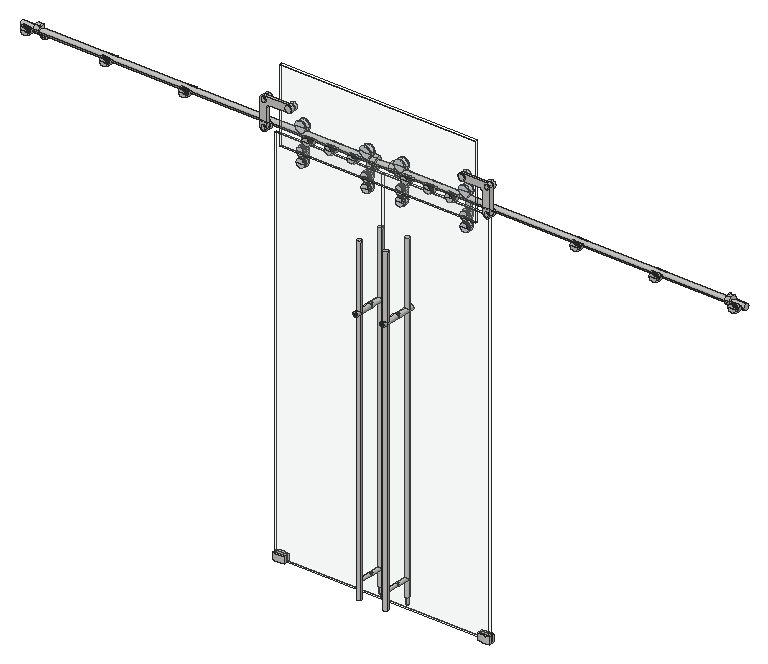
Revit family "Doors_Sliding_Avanti_Systems_Eclipse-Sliding-Pair-Glass-Barn-Doors-Dbl-Glazed", category Doors, Revit 2015
Parameters (values of type "Load Family Type Catalog")
  Youtube clip = ""
  Weight Net (Kg) = "0"
  Warranty = "1 year"  # constant formula
  Uniformat II Description = "Interior Doors"
  Uniformat II Code = "C1020"
  Uniclass 2015 Name = "Sliding door and partition sets"
  Uniclass 2015 Code = "Pr_30_59_24_80"
  Uniclass 2.0 Description = "Sliding Door And Partition Sets"
  Uniclass 2.0 Code = "PR-59-23-77"
  Uniclass 1.4 Description = "Doors"
  Uniclass 1.4 Code = "JL20"
  URL = "www.avantisystemsusa.com"
  UNSPSC Code = "30171501"
  Transome Glass Width [instance] = 36 5/8"
  Transome Glass Height [instance] = 13 13/16"
  Transom Visibility [instance] = yes
  Type = 1
  Transom Height [instance] = 14"
  Thickness = if(Type = 1, 1/2", if(Type = 2, 3/8", if(Type = 3, 7/16", if(Type = 4, 9/16", 3/4"))))  # 1/2"
  Technical description = "https://www.avantisystemsusa.com/wp-content/uploads/products/16-barn-doors/specs/083213_fl.Sliding-Aluminum-Framed-Glass-Doors.Avanti.doc"
  Sound Rating = 0
  Region South America = "All"
  Region Oceania = "All"
  Region North America = "All"
  Region Middle East = "All"
  Region Europe = "All"
  Region Asia = "All"
  Region Antarctica = "All"
  Region Africa = "All"
  QR code = "http://bimobject.com/avantisystems/product/avanti-eclipse"
  Product url = "https://www.avantisystemsusa.com/glass-products/doors/sliding-doors/barn-doors/"
  Product group = "Barn Doors"
  Product family = "Sliding Doors"
  Product data url = "https://bimobject.com/avantisystems/product/avanti-eclipse"
  Product certification = ""
  Product SKU = "avanti-eclipse"
  Product Guid = "7da51ade-73dc-45b6-9d79-ccbd2e6c1290"
  Opening Width [instance] = 37"
  OmniClass Description = "Sliding All Glass Doors"
  OmniClass Code = "23-17 11 23 13"
  Nominal width = 0"
  Nominal height = 0"
  NBS Reference Description = "Sliding Door And Partition Sets"
  NBS Reference Code = "59-23-77"
  Model = "Eclipse™ Sliding Glass Barn Doors"  # constant formula
  Material secondary = "Aluminium"
  Material main = "Glass"
  Masterformat 2014 Description = "Sliding Aluminum-Framed Glass Doors"
  Masterformat 2014 Code = "08 32 13"
  Manufacturer name = "Avanti Systems"
  Manufacturer country = ""
  Manufacturer = "Avanti Systems USA"  # constant formula
  Lock = "Thumb turn floor lock with a key"
  Ladder Pull Height [instance] = 18"
  LEED compatibility = "YES"
  L-Bracket Placement [instance] = (Opening Width / 4) + 1 23/64"  # 10 39/64"
  Installation instructions = ""
  IFC Classification = "Door"
  Hardware material [instance] = Stainless Steel - Avanti- Brushed Finish
  Handle type [instance] = Handle : 60" Ladder Pull
  Half_width [instance] = (Opening Width / 2) + 1 1/2"  # 20"
  Glazing = "Safety Glazing SGCC"
  Glass Width [instance] = 40"
  Glass Material = Glass - Avanti - Laminated Glass
  Glass Marker = yes
  Glass Height [instance] = 71 5/16"
  Gap Thickness = if(Type = 1, 71/128", if(Type = 2, 87/128", if(Type = 3, 79/128", if(Type = 4, 63/128", 39/128"))))  # 71/128"
  Function = Interior
  Edition number = 1
  EAN code = ""
  Design country = "United States"
  Description = "The Barn Sliding Glass Door is our standard interior manual sliding glass door which can be integrated into the Solare™Frameless, Elite™Freestanding Partition System as well as a solid traditional wall to add a touch of modern style to any entryway."  # constant formula
  Date of publishing = ""
  Clear Anodic Finish = "AAMA 611, AA-M12c22A31, Class II, 0.01mm or thicker"
  COBIe Type Category = ""
  Brand url = "http://www.avantisystemsusa.com/"
  Bolt Length = Thickness + 69/128"  # 1 5/128"
  BIMobject main category code = "doors"
  BIMobject main category = "Doors"
  BIMobject category code = "doors-sliding"
  BIMobject category = "Sliding"
  Analytic Construction = "<None>"
Reference planes (in)
  plane 1 "Center (Front/Back)": y = 0
  plane 2: z = 0
  plane 3 "Center (Left/Right)": x = 3.24894
  plane 4: x = -15.25106
  plane 5: x = 21.74894
  plane 6 "Top": z = 84
  plane 7 "Curtain_wall_center": y = 1.4375
  plane 8 "Curtain_wall_exterior": y = 1.6875
  plane 9 "Curtain_wall_interior": y = 1.1875
  plane 10 "Top_panel_height": z = 70
  plane 11 "Doors_exterior": y = 2.74219
  plane 12 "Doors_center": y = 2.49219
  plane 13 "Doors_interior": y = 2.24219
  plane 14 "Door_offset_left": x = -16.75106
  plane 15 "Door_offset_top": z = 71.5
  plane 16 "Handle_placement_top": z = 18
  plane 17 "Handle_placement_level": x = 0.74894
  plane 18: x = -14.76823
  plane 19: z = 0.1875
  plane 20: x = 23.24894
  plane 21: x = 5.74894
  plane 22: x = 21.26611
  plane 23: x = 3.24894
  plane 24: x = 21.56144
  plane 25: x = -15.06356
  plane 26: z = 83.8125
  plane 27: x = 13.24894
  plane 28: x = -6.75106
  plane 29: z = 35.75
  plane 30: z = 71.75
Forms (in)
  Extrusion 1, solid, material "Glass - Avanti - Laminated Glass" <- "Glass Material", visible <- "Transom Visibility"
    sketch origin (0, 0, 0) x (1, 0, 0) y (0, 1, 0)
      loop
        line (-15.06356, 1.6875) -> (-15.06356, 1.1875) -> (21.56144, 1.1875) -> (21.56144, 1.6875) -> (-15.06356, 1.6875)
    from 70 to 83.8125
  Extrusion 2, solid, material "Stainless Steel - Avanti- Brushed Finish" <- "Hardware material"
    sketch origin (0, 0, 0) x (1, 0, 0) y (0, 1, 0)
      loop
        arc (-17.01409, 1.97625) -> (-15.89116, 1.77392) -> (-14.76823, 1.97625) r 3.2173
        line (-14.76823, 1.97625) -> (-14.76823, 3.00813)
        arc (-14.76823, 3.00813) -> (-15.89116, 3.20334) -> (-17.01409, 3.00813) r 3.32736
        line (-17.01409, 3.00813) -> (-17.01409, 1.97625)
    from 0 to 1.21575
  Extrusion 3, void
    sketch origin (3.24894, 0, 0) x (0, 1, 0) y (0, 0, 1)
      loop
        line (2.74219, 1.21575) -> (2.24219, 1.21575) -> (2.24219, 0.15191) -> (2.74219, 0.15191) -> (2.74219, 1.21575)
    from -20.26303 to 20.26303
  Extrusion 4, solid, material "Stainless Steel - Avanti- Brushed Finish" <- "Hardware material"
    sketch origin (6.49788, 0, 0) x (-1, 0, 0) y (0, -1, 0)
      loop
        line (-17.01409, -1.97625) -> (-17.01409, -3.00813)
        arc (-17.01409, -3.00813) -> (-15.89116, -3.20334) -> (-14.76823, -3.00813) r 3.32736
        line (-14.76823, -3.00813) -> (-14.76823, -1.97625)
        arc (-14.76823, -1.97625) -> (-15.89116, -1.77392) -> (-17.01409, -1.97625) r 3.2173
    from 0 to 1.21575
  Extrusion 5, solid, material "Glass - Avanti - Laminated Glass" <- "Glass Material"
    sketch origin (0, 0, 0) x (1, 0, 0) y (0, 0, 1)
      loop
        line (23.24894, 71.5) -> (3.24894, 71.5) -> (3.24894, 0.1875) -> (23.24894, 0.1875) -> (23.24894, 71.5)
    from -2.74219 to -2.24219
  Extrusion 6, solid, material "Glass - Avanti - Laminated Glass" <- "Glass Material"
    sketch origin (0, 0, 0) x (1, 0, 0) y (0, 0, 1)
      loop
        line (3.24894, 71.5) -> (-16.75106, 71.5) -> (-16.75106, 0.1875) -> (3.24894, 0.1875) -> (3.24894, 71.5)
    from -2.74219 to -2.24219
Cuts and joins
  Extrusion 3 cuts Extrusion 2
  Extrusion 3 cuts Extrusion 4
Lines and regions (in)
  symbolic lines, style "0"
    curve 1: line (-17.01409, 1.97625, 0) -> (-17.01409, 3.00813, 0)
    curve 2: line (-14.76823, 1.97625, 0) -> (-14.76823, 3.00813, 0)
    curve 3: circle (-16.75106, 2.49219, 0) r 0.22256 normal (0, 0, 1)
    curve 4: circle (-16.75106, 2.49219, 0) r 0.13151 normal (0, 0, 1)
    curve 5: circle (-15.03126, 2.49219, 0) r 0.22256 normal (0, 0, 1)
    curve 6: circle (-15.03126, 2.49219, 0) r 0.13151 normal (0, 0, 1)
    curve 7: arc (-15.42624, 2.11788, 0) -> (-15.29429, 2.49219, 0) -> (-15.42624, 2.8665, 0) r 0.59687
    curve 8: arc (-16.35608, 2.8665, 0) -> (-16.48803, 2.49219, 0) -> (-16.35608, 2.11788, 0) r 0.59687
    curve 9: line (-14.76823, 2.8665, 0) -> (-17.01409, 2.8665, 0)
    curve 10: line (-14.76823, 2.11788, 0) -> (-17.01409, 2.11788, 0)
    curve 21: arc (-14.76823, 1.97625, 0) -> (-15.89116, 1.77392, 0) -> (-17.01409, 1.97625, 0) r 3.2173
    curve 35: line (-14.76823, 2.24219, 0) -> (21.26611, 2.24219, 0)
    curve 36: line (21.26611, 2.24219, 0) -> (21.26611, 2.74219, 0)
    curve 37: line (-14.76823, 2.74219, 0) -> (21.26611, 2.74219, 0)
    curve 38: line (3.24894, 1.6875, 84) -> (3.24894, 1.1875, 84)
    curve 39: line (3.24894, 1.6875, 70) -> (3.24894, 1.6875, 84)
    curve 40: line (3.24894, 1.1875, 70) -> (3.24894, 1.6875, 70)
    curve 41: line (3.24894, 1.1875, 84) -> (3.24894, 1.1875, 70)
    curve 42: line (3.24894, 2.74219, 71.5) -> (3.24894, 2.24219, 71.5)
    curve 43: line (3.24894, 2.74219, 0.15191) -> (3.24894, 2.74219, 71.5)
    curve 44: line (3.24894, 2.24219, 0.15191) -> (3.24894, 2.74219, 0.15191)
    curve 45: line (3.24894, 2.24219, 71.5) -> (3.24894, 2.24219, 0.15191)
    curve 46: line (23.51197, 1.97625, 0) -> (23.51197, 3.00813, 0)
    curve 47: line (21.26611, 1.97625, 0) -> (21.26611, 3.00813, 0)
    curve 48: circle (23.24894, 2.49219, 0) r 0.22256 normal (0, 0, -1)
    curve 49: circle (23.24894, 2.49219, 0) r 0.13151 normal (0, 0, -1)
    curve 50: circle (21.52914, 2.49219, 0) r 0.22256 normal (0, 0, -1)
    curve 51: circle (21.52914, 2.49219, 0) r 0.13151 normal (0, 0, -1)
    curve 52: arc (21.92412, 2.11788, 0) -> (21.79217, 2.49219, 0) -> (21.92412, 2.8665, 0) r 0.59687
    curve 53: arc (22.85396, 2.8665, 0) -> (22.98591, 2.49219, 0) -> (22.85396, 2.11788, 0) r 0.59687
    curve 54: line (21.26611, 2.8665, 0) -> (23.51197, 2.8665, 0)
    curve 55: line (21.26611, 2.11788, 0) -> (23.51197, 2.11788, 0)
    curve 56: arc (21.26611, 1.97625, 0) -> (22.38904, 1.77392, 0) -> (23.51197, 1.97625, 0) r 3.2173
  symbolic lines, style "0", not visible
    curve 11: line (-11.39483, 5.69093, 0) -> (-11.39483, 4.65905, 0)
    curve 12: line (-13.64069, 5.69093, 0) -> (-13.64069, 4.65905, 0)
    curve 13: circle (-11.65786, 5.17499, 0) r 0.22256 normal (0, 0, 1)
    curve 14: circle (-11.65786, 5.17499, 0) r 0.13151 normal (0, 0, 1)
    curve 15: circle (-13.37767, 5.17499, 0) r 0.22256 normal (0, 0, 1)
    curve 16: circle (-13.37767, 5.17499, 0) r 0.13151 normal (0, 0, 1)
    curve 17: arc (-12.98268, 5.5493, 0) -> (-13.11464, 5.17499, 0) -> (-12.98268, 4.80068, 0) r 0.59687
    curve 18: arc (-12.05285, 4.80068, 0) -> (-11.92089, 5.17499, 0) -> (-12.05285, 5.5493, 0) r 0.59687
    curve 19: line (-13.64069, 4.80068, 0) -> (-11.39483, 4.80068, 0)
    curve 20: line (-13.64069, 5.5493, 0) -> (-11.39483, 5.5493, 0)
    curve 22: arc (-13.64069, 5.69093, 0) -> (-12.51776, 5.89326, 0) -> (-11.39483, 5.69093, 0) r 3.2173
  symbolic lines, style "0", detail levels medium+fine
    curve 23: circle (0.74894, 5.0161, 0) r 0.39445 normal (0, 0, 1)
    curve 24: line (0.43894, 4.77219, 0) -> (0.43894, 2.74219, 0)
    curve 25: line (1.06195, 4.77606, 0) -> (1.06195, 2.74219, 0)
    curve 26: circle (0.74894, -0.03172, 0) r 0.39445 normal (0, 0, -1)
    curve 27: line (0.43894, 0.21218, 0) -> (0.43894, 2.24219, 0)
    curve 28: line (1.06195, 0.20831, 0) -> (1.06195, 2.24219, 0)
    curve 57: circle (5.74894, 5.0161, 0) r 0.39445 normal (0, 0, -1)
    curve 58: line (6.05895, 4.77219, 0) -> (6.05895, 2.74219, 0)
    curve 59: line (5.43593, 4.77606, 0) -> (5.43593, 2.74219, 0)
    curve 60: circle (5.74894, -0.03172, 0) r 0.39445 normal (0, 0, 1)
    curve 61: line (6.05895, 0.21218, 0) -> (6.05895, 2.24219, 0)
    curve 62: line (5.43593, 0.20831, 0) -> (5.43593, 2.24219, 0)
  symbolic lines, style "0", not visible, detail levels medium+fine
    curve 29: circle (20.74894, 4.89891, 0) r 0.39445 normal (0, 0, 1)
    curve 30: line (20.43894, 4.65501, 0) -> (20.43894, 2.625, 0)
    curve 31: line (21.06195, 4.65887, 0) -> (21.06195, 2.625, 0)
    curve 32: circle (20.74894, -0.14891, 0) r 0.39445 normal (0, 0, -1)
    curve 33: line (20.43894, 0.09499, 0) -> (20.43894, 2.125, 0)
    curve 34: line (21.06195, 0.09113, 0) -> (21.06195, 2.125, 0)
  symbolic lines, visible <- "Glass Marker"
    curve 63: line (10.42051, -0.24998, 32.92157) -> (16.07737, -0.24998, 38.57843)
    curve 64: line (13.24894, -0.24998, 33.90204) -> (15.0969, -0.24998, 35.75)
    curve 65: line (11.40098, -0.24998, 35.75) -> (13.24894, -0.24998, 37.59796)
    curve 73: line (-9.57949, -0.24998, 32.92157) -> (-3.92263, -0.24998, 38.57843)
    curve 74: line (-6.75106, -0.24998, 33.90204) -> (-4.9031, -0.24998, 35.75)
    curve 75: line (-8.59902, -0.24998, 35.75) -> (-6.75106, -0.24998, 37.59796)
  symbolic lines, not visible
    curve 66: line (11.40098, 0.25002, 35.75) -> (15.0969, 0.25002, 35.75)
    curve 71: line (-1.84534, 0.25002, 22.66367) -> (1.85057, 0.25002, 22.66367)
    curve 76: line (-8.59902, 0.25002, 35.75) -> (-4.9031, 0.25002, 35.75)
    curve 81: line (-1.84534, 0.25002, 22.66367) -> (1.85057, 0.25002, 22.66367)
    curve 90: line (-16.88257, 2.49219, 0) -> (-16.61954, 2.49219, 0)
    curve 91: line (-11.52635, 5.17499, 0) -> (-11.78938, 5.17499, 0)
    curve 92: line (23.38046, 2.49219, 0) -> (23.11743, 2.49219, 0)
    curve 93: arc (-14.76823, 3.00813, 0) -> (-15.89116, 3.20334, 0) -> (-17.01409, 3.00813, 0) r 3.32736
    curve 94: arc (-13.64069, 4.65905, 0) -> (-12.51776, 4.46383, 0) -> (-11.39483, 4.65905, 0) r 3.32736
    curve 95: arc (21.26611, 3.00813, 0) -> (22.38904, 3.20334, 0) -> (23.51197, 3.00813, 0) r 3.32736
  model lines, not visible
    curve 67: line (13.24894, 0.25002, 33.90204) -> (13.24894, 0.25002, 37.59796)
    curve 72: line (0.00262, 0.25002, 20.81572) -> (0.00262, 0.25002, 24.51163)
    curve 77: line (-6.75106, 0.25002, 33.90204) -> (-6.75106, 0.25002, 37.59796)
    curve 82: line (0.00262, 0.25002, 20.81572) -> (0.00262, 0.25002, 24.51163)
  symbolic lines, visible <- "Glass Marker", not visible
    curve 68: line (-2.82581, -0.24998, 19.83525) -> (2.83104, -0.24998, 25.4921)
    curve 69: line (0.00262, -0.24998, 20.81572) -> (1.85057, -0.24998, 22.66367)
    curve 70: line (-1.84534, -0.24998, 22.66367) -> (0.00262, -0.24998, 24.51163)
    curve 78: line (-2.82581, -0.24998, 19.83525) -> (2.83104, -0.24998, 25.4921)
    curve 79: line (0.00262, -0.24998, 20.81572) -> (1.85057, -0.24998, 22.66367)
    curve 80: line (-1.84534, -0.24998, 22.66367) -> (0.00262, -0.24998, 24.51163)
  symbolic lines, not visible, detail levels medium+fine
    curve 83: line (0.74894, 3.45287, 0) -> (0.74894, 3.81759, 0)
    curve 84: line (20.74894, 3.33568, 0) -> (20.74894, 3.7004, 0)
    curve 85: line (5.74894, 3.45287, 0) -> (5.74894, 3.81759, 0)
    curve 86: line (0.74894, 0.93104, 0) -> (0.74894, 1.30627, 0)
    curve 87: line (20.74894, 0.81385, 0) -> (20.74894, 1.18908, 0)
    curve 88: line (5.74894, 0.93104, 0) -> (5.74894, 1.30627, 0)
  symbolic lines
    curve 89: line (3.24894, 2.74219, 0) -> (3.24894, 2.24219, 0)
Text (in)
  text "Exterior" at (-45.72835, 31.38743, 0), in view "Ref. Level"
Dimensions and locks (in)
  equal spacing: plane 4, plane 3 "Center (Left/Right)", plane 5
  equal spacing: plane 8 "Curtain_wall_exterior", plane 7 "Curtain_wall_center", plane 9 "Curtain_wall_interior"
  equal spacing: plane 11 "Doors_exterior", plane 12 "Doors_center", plane 13 "Doors_interior"
  "Gap Thickness": plane 13 "Doors_interior" to plane 8 "Curtain_wall_exterior"
  locked: plane 10 "Top_panel_height" to plane 15 "Door_offset_top" at 1.5
  "Thickness": plane 11 "Doors_exterior" to plane 13 "Doors_interior"
  "Thickness": plane 8 "Curtain_wall_exterior" to plane 9 "Curtain_wall_interior"
  "Ladder Pull Height": plane 2 to plane 16 "Handle_placement_top"
  locked: plane 4 to plane 18 at 0.48283
  plane 2 to plane 19 = 3/16"
  "Transom Height": plane 10 "Top_panel_height" to plane 6 "Top"
  locked: plane 17 "Handle_placement_level" to plane 3 "Center (Left/Right)" at 2.5
  locked: plane 21 to plane 3 "Center (Left/Right)" at 2.5
  plane 17 "Handle_placement_level" to plane 3 "Center (Left/Right)" to plane 21 = 2 1/2", 2 1/2"
  locked: plane 5 to plane 20 at 1.5
  locked: plane 14 "Door_offset_left" to plane 4 at 1.5
  "Opening Width": plane 4 to plane 5
  locked: plane 22 to plane 5 at 0.48283
  locked: plane 26 to plane 6 "Top" at 0.1875
  locked: plane 24 to plane 5 at 0.1875
  locked: plane 25 to plane 4 at 0.1875
  equal spacing: plane 20, plane 27, plane 3 "Center (Left/Right)"
  equal spacing: plane 3 "Center (Left/Right)", plane 28, plane 14 "Door_offset_left"
  equal spacing: plane 2, plane 29, plane 15 "Door_offset_top"
  plane 1 "Center (Front/Back)" to plane 7 "Curtain_wall_center" = 1 7/16"
  locked: nested 4 to curve 66 at 7
  locked: curve 66 to nested 5 at 7
  "Transome Glass Width": plane 24 to plane 25
  "Transome Glass Height": plane 10 "Top_panel_height" to plane 26
  "Glass Height": plane 19 to plane 15 "Door_offset_top"
  "Glass Width": plane 20 to plane 14 "Door_offset_left"
  locked: nested 1 to plane 11 "Doors_exterior" at 0.01172
  locked: plane 30 to plane 15 "Door_offset_top" at 0.25
  curve 9 to nested 2 = 2 113/128"
  locked: nested 3 to curve 37 at 3
  equal spacing: plane 17 "Handle_placement_level", Extrusion 6, plane 21
  aligned and locked: level to plane 2
  aligned and locked: Extrusion 1 sketch curve to plane 8 "Curtain_wall_exterior"
  aligned and locked: plane 9 "Curtain_wall_interior" to Extrusion 1 sketch curve
  aligned and locked: curve 2 to plane 18
  aligned and locked: plane 11 "Doors_exterior" to curve 25
  aligned and locked: plane 11 "Doors_exterior" to curve 24
  aligned and locked: plane 13 "Doors_interior" to curve 28
  aligned and locked: plane 13 "Doors_interior" to curve 27
  aligned and locked: plane 11 "Doors_exterior" to Extrusion 3 sketch curve
  aligned and locked: Extrusion 3 sketch curve to plane 13 "Doors_interior"
  aligned and locked: Extrusion 2 to Extrusion 3 sketch curve
  aligned and locked: curve 44 to cut or joined group of Extrusion 2, Extrusion 3
  aligned and locked: curve 45 to cut or joined group of Extrusion 2, Extrusion 3
  aligned and locked: cut or joined group of Extrusion 2, Extrusion 3 to plane 2
  aligned and locked: Extrusion 4 to plane 22
  aligned and locked: Extrusion 5 sketch curve to plane 20
  aligned and locked: Extrusion 5 sketch curve to plane 15 "Door_offset_top"
  aligned and locked: Extrusion 5 sketch curve to plane 3 "Center (Left/Right)"
  aligned and locked: Extrusion 6 sketch curve to plane 15 "Door_offset_top"
  aligned and locked: Extrusion 6 sketch curve to plane 14 "Door_offset_left"
  aligned and locked: plane 22 to curve 47
  aligned and locked: plane 22 to curve 36
  aligned and locked: Extrusion 5 to plane 19
  aligned and locked: Extrusion 6 to plane 19
  aligned and locked: plane 24 to Extrusion 1
  aligned and locked: Extrusion 1 to plane 26
  aligned and locked: Extrusion 1 to plane 25
  aligned and locked: Extrusion 1 to plane 10 "Top_panel_height"
  aligned and locked: plane 27 to curve 67
  aligned and locked: plane 29 to curve 66
  aligned and locked: plane 28 to curve 77
  aligned and locked: plane 29 to curve 76
  aligned and locked: plane 11 "Doors_exterior" to Extrusion 6
  aligned and locked: Extrusion 6 to plane 13 "Doors_interior"
  aligned and locked: plane 11 "Doors_exterior" to Extrusion 5
  aligned and locked: Extrusion 5 to plane 13 "Doors_interior"
  aligned and locked: plane 20 to Extrusion 5
  aligned and locked: plane 14 "Door_offset_left" to Extrusion 6
  aligned and locked: plane 21 to nested 3
  aligned and locked: plane 17 "Handle_placement_level" to nested 2
  aligned and locked: plane 11 "Doors_exterior" to curve 59
  aligned and locked: plane 13 "Doors_interior" to curve 62
  aligned and locked: plane 27 to nested 4
  aligned and locked: plane 28 to nested 5
  aligned and locked: plane 3 "Center (Left/Right)" to nested 1
  aligned and locked: nested 1 to plane 30
  aligned and locked: plane 8 "Curtain_wall_exterior" to Extrusion 1
  aligned and locked: Extrusion 1 to plane 9 "Curtain_wall_interior"
  aligned and locked: plane 10 "Top_panel_height" to curve 40
  aligned and locked: curve 43 to plane 11 "Doors_exterior"
  aligned and locked: plane 15 "Door_offset_top" to Extrusion 6
  aligned and locked: curve 35 to plane 13 "Doors_interior"
  aligned and locked: curve 83 to plane 17 "Handle_placement_level"
  aligned and locked: plane 21 to curve 85
  aligned and locked: curve 86 to plane 17 "Handle_placement_level"
  aligned and locked: plane 21 to curve 88
  aligned and locked: curve 90 to plane 12 "Doors_center"
  aligned and locked: plane 12 "Doors_center" to curve 92
  aligned and locked: plane 21 to nested 6
  aligned and locked: nested 7 to plane 17 "Handle_placement_level"
  aligned and locked: plane 2 to nested 6
  aligned and locked: plane 2 to nested 7
  aligned and locked: nested 7 to plane 11 "Doors_exterior"
  aligned and locked: nested 6 to plane 11 "Doors_exterior"
Automatic sketch dimensions
  Extrusion 2 sketch curve to plane 18 = 0"
  plane 4 to Extrusion 2 sketch curve = 0.6401"  (x2)
  plane 1 "Center (Front/Back)" to Extrusion 2 sketch curve = 0.12403"
  plane 14 "Door_offset_left" to Extrusion 2 sketch curve = 0.26303"
  Extrusion 2 sketch curve to plane 13 "Doors_interior" = 0.26594"
  plane 11 "Doors_exterior" to Extrusion 2 sketch curve = 0.26594"
  plane 11 "Doors_exterior" to Extrusion 2 sketch curve = 2.24903"
  level to Extrusion 3 sketch curve = 0.15191"
  Extrusion 4 sketch curve to plane 22 = 0"
  plane 5 to Extrusion 4 sketch curve = 0.6401"  (x2)
  Extrusion 4 sketch curve to plane 1 "Center (Front/Back)" = 0.12403"
  Extrusion 4 sketch curve to plane 20 = 0.26303"
  plane 13 "Doors_interior" to Extrusion 4 sketch curve = 0.26594"
  Extrusion 4 sketch curve to plane 11 "Doors_exterior" = 0.26594"
  Extrusion 4 sketch curve to plane 11 "Doors_exterior" = 2.24903"
  Extrusion 6 sketch curve to plane 3 "Center (Left/Right)" = 0"
  level to Extrusion 5 sketch curve = 3/16"
  level to Extrusion 6 sketch curve = 3/16"
  curve 41 to plane 9 "Curtain_wall_interior" = 0"
  curve 40 to plane 8 "Curtain_wall_exterior" = 0"
  plane 5 to Extrusion 1 sketch curve = 3/16"
  Extrusion 1 sketch curve to plane 4 = 3/16"
  curve 42 to plane 15 "Door_offset_top" = 0"
  plane 6 "Top" to curve 39 = 0"
  curve 83 to curve 23 = 0"
  curve 24 to curve 83 = 0.31001"
  curve 24 to curve 25 = 0.62301"
  curve 25 to curve 23 = 0.24003"
  curve 83 to curve 24 = 0.95461"
  curve 83 to curve 83 = 0.36471"
  curve 24 to curve 83 = 0.71068"
  curve 24 to curve 25 = 0"
  curve 84 to curve 29 = 0"
  curve 30 to curve 84 = 0.31001"
  curve 30 to curve 31 = 0.62301"
  curve 31 to curve 29 = 0.24003"
  curve 84 to curve 30 = 0.95461"
  curve 84 to curve 84 = 0.36471"
  curve 30 to curve 84 = 0.71068"
  curve 30 to curve 31 = 0"
  curve 85 to curve 57 = 0"
  curve 58 to curve 85 = 0.31001"
  curve 58 to curve 59 = 0.62301"
  curve 57 to curve 59 = 0.24003"
  curve 58 to curve 85 = 0.95461"
  curve 85 to curve 85 = 0.36471"
  curve 85 to curve 58 = 0.71068"
  curve 58 to curve 59 = 0"
  curve 86 to curve 26 = 0"
  curve 27 to curve 86 = 0.31001"
  curve 27 to curve 28 = 0.62301"
  curve 26 to curve 28 = 0.24003"
  curve 27 to curve 86 = 0.71886"
  curve 86 to curve 86 = 0.37523"
  curve 86 to curve 28 = 0.93592"
  curve 27 to curve 28 = 0"
  curve 87 to curve 32 = 0"
  curve 33 to curve 87 = 0.31001"
  curve 33 to curve 34 = 0.62301"
  curve 32 to curve 34 = 0.24003"
  curve 33 to curve 87 = 0.71886"
  curve 87 to curve 87 = 0.37523"
  curve 87 to curve 34 = 0.93592"
  curve 33 to curve 34 = 0"
  curve 88 to curve 60 = 0"
  curve 61 to curve 88 = 0.31001"
  curve 61 to curve 62 = 0.62301"
  curve 62 to curve 60 = 0.24003"
  curve 88 to curve 61 = 0.71886"
  curve 88 to curve 88 = 0.37523"
  curve 62 to curve 88 = 0.93592"
  curve 61 to curve 62 = 0"
  curve 37 to plane 18 = 0"
  curve 35 to plane 18 = 0"
  curve 89 to plane 3 "Center (Left/Right)" = 0"
  curve 3 to curve 4 = 0"  (x4)
  curve 5 to curve 6 = 0"  (x4)
  curve 7 to curve 8 = 0"  (x4)
  curve 9 to curve 5 = 0.26303"
  curve 5 to curve 8 = 0.8599"
  curve 2 to curve 21 = 1.12293"
  curve 7 to curve 4 = 0.8599"
  curve 3 to curve 1 = 0.26303"
  curve 21 to curve 2 = 1.98308"
  curve 1 to curve 4 = 0.51594"
  curve 3 to curve 7 = 0"
  curve 2 to curve 6 = 0.51594"
  curve 3 to curve 1 = 0.51594"
  curve 21 to curve 93 = 2.10027"
  curve 5 to curve 7 = 0.39498"  (x2)
  curve 8 to curve 3 = 0.39498"
  curve 90 to curve 3 = 0.13151"
  curve 93 to curve 9 = 0.14163"
  curve 3 to curve 90 = 0"
  curve 1 to curve 5 = 0.51594"
  curve 13 to curve 14 = 0"  (x4)
  curve 15 to curve 16 = 0"  (x4)
  curve 17 to curve 18 = 0"  (x4)
  curve 19 to curve 15 = 0.26303"
  curve 15 to curve 18 = 0.8599"
  curve 12 to curve 22 = 1.12293"
  curve 17 to curve 14 = 0.8599"
  curve 13 to curve 11 = 0.26303"
  curve 22 to curve 12 = 1.98308"
  curve 11 to curve 14 = 0.51594"
  curve 13 to curve 17 = 0"
  curve 12 to curve 16 = 0.51594"
  curve 13 to curve 11 = 0.51594"
  curve 22 to curve 94 = 2.10027"
  curve 15 to curve 17 = 0.39498"  (x2)
  curve 18 to curve 13 = 0.39498"
  curve 91 to curve 13 = 0.13151"
  curve 94 to curve 19 = 0.14163"
  curve 13 to curve 91 = 0"
  curve 11 to curve 15 = 0.51594"
  curve 48 to curve 49 = 0"  (x4)
  curve 50 to curve 51 = 0"  (x4)
  curve 52 to curve 53 = 0"  (x4)
  curve 54 to curve 50 = 0.26303"
  curve 50 to curve 53 = 0.8599"
  curve 47 to curve 56 = 1.12293"
  curve 52 to curve 49 = 0.8599"
  curve 48 to curve 46 = 0.26303"
  curve 47 to curve 56 = 1.98308"
  curve 49 to curve 46 = 0.51594"
  curve 48 to curve 52 = 0"
  curve 51 to curve 47 = 0.51594"
  curve 46 to curve 48 = 0.51594"
  curve 95 to curve 56 = 2.10027"
  curve 50 to curve 52 = 0.39498"  (x2)
  curve 53 to curve 48 = 0.39498"
  curve 92 to curve 48 = 0.13151"
  curve 54 to curve 95 = 0.14163"
  curve 48 to curve 92 = 0"
  curve 50 to curve 46 = 0.51594"
  radius of curve 3 = 0.22256"
  radius of curve 5 = 0.22256"
  radius of curve 6 = 0.13151"
  radius of curve 13 = 0.22256"
  radius of curve 15 = 0.22256"
  radius of curve 16 = 0.13151"
  radius of curve 48 = 0.22256"
  radius of curve 50 = 0.22256"
  radius of curve 51 = 0.13151"
Nested families (in)
  nested 1: "Trolley" at (3.24894, 2.74394, 72.28811), type "Trolley"
  nested 2: "Arrow" at (-3.18807, 5.74931, 0), type "arrow"
  nested 3: "Arrow" at (9.68595, 5.74219, 0) x (-1, 0, 0) z (0, 0, 1), type "arrow"
  nested 4: "Arrow" at (13.24894, 0, 42.75) x (-1, 0, 0) z (0, -1, 0), type "arrow"
  nested 5: "Arrow" at (-6.75106, 0, 42.75) x (1, 0, 0) z (0, -1, 0), type "arrow"
  nested 6: "Handle" at (4.12394, 0.86719, 38) x (1, 0, 0) z (0, -1, 0), type <- "Handle type", type "60" Ladder Pull", detail levels medium+fine
    with Locker yes
  nested 7: "Handle" at (-0.87606, 0.86719, 38) x (1, 0, 0) z (0, -1, 0), type <- "Handle type", type "60" Ladder Pull", detail levels medium+fine
    with Locker yes
Definition of nested family "Trolley"
  Parameters (values of type "Trolley")
    Thickness = 1/2"
    Opening Width Controller = if(Opening Width > 60", 60", Opening Width)  # 37"
    Opening Width = 37"
    L-Bracket Placement = (Opening Width / 2) + 2"  # 20 1/2"
    L offset = 0"
    Hinge Placement 7 = (Opening Width / 2) + 38.34646"  # 56.84646"
    Hinge Placement 6 = (Opening Width / 2) + 37.24409"  # 55.74409"
    Hinge Placement 5 = (Opening Width / 2) + 23.58268"  # 42.08268"
    Hinge Placement 4 = (Opening Width / 2) + 8.8189"  # 27.3189"
    Hinge Placement 3 = (Opening Width / 2) + 4.09449"  # 22.59449"
    Hinge Placement 2 = (Opening Width / 2) - 2.08661"  # 16.41339"
    Hinge Placement 1 = (Opening Width / 2) - 5.94488"  # 12.55512"
    Hinge Placement = (Opening Width / 2) - 3.97638"  # 14.52362"
    Assembly material = none
  Reference planes (in)
    plane 1 "Center (Front/Back)": y = 0
    plane 2: z = 0.41897
    plane 3 "Center (Left/Right)": x = 0
    plane 4: y = 1.43605
    plane 5: y = 1.56496
    plane 6: y = 0.93605
    plane 7: x = 2.5
    plane 8: x = -2.5
    plane 9: x = -18.5
    plane 10: x = 18.5
    plane 11: x = -9.25
    plane 12: x = 9.25
    plane 13: x = -16
    plane 14: x = 16
    plane 15: x = -4.19625
    plane 16: x = 4.19625
    plane 17: x = -14.14117
    plane 18: x = 14.14117
    plane 19: x = -36.5689
    plane 20: x = -51.33268
    plane 21: x = -64.99409
    plane 22: x = -66.09646
    plane 23: x = 36.5689
    plane 24: x = 51.33268
    plane 25: x = 64.99409
    plane 26: x = 66.09646
    plane 27: x = -67.59646
    plane 28: x = 67.59646
  Forms (in)
    Extrusion 1, solid, material <- "Assembly material"
      sketch origin (0, 0, 0) x (0, 1, 0) y (0, 0, 1)
        loop
          circle (0, 0.41897) r 0.46875
      from -67.59646 to 67.59646
  Lines and regions (in)
    model lines
      curve 1: line (29.74028, 89.953, 0.41897) -> (29.74028, 89.86638, 0.41897)
    reference lines
      curve 2: line (-14.32308, 0, -0.53811) -> (14.32308, 0, -0.53811)
      curve 3: line (0, -0.6125, 0.41897) -> (0, 7.1375, 0.41897)
  Text (in)
    text "2 5/16\"" at (40.39029, -38.4786, -0.89539), in view "Front"
  Dimensions and locks (in)
    locked: plane 1 "Center (Front/Back)" to plane 6 at 0.93605
    locked: plane 5 to plane 4 at 0.12891
    "Thickness": plane 4 to plane 6
    equal spacing: plane 8, plane 3 "Center (Left/Right)", plane 7, locked at 2.5 each
    plane 8 to plane 3 "Center (Left/Right)" to plane 7 = 2 1/2" locked, 2 1/2" locked
    equal spacing: plane 9, plane 3 "Center (Left/Right)", plane 10
    "Opening Width": plane 9 to plane 10
    equal spacing: plane 9, plane 11, plane 3 "Center (Left/Right)"
    equal spacing: plane 3 "Center (Left/Right)", plane 12, plane 10
    locked: plane 9 to plane 13 at 2.5
    locked: plane 14 to plane 10 at 2.5
    equal spacing: plane 15, plane 3 "Center (Left/Right)", plane 16, locked at 4.19625 each
    locked: plane 15 to plane 3 "Center (Left/Right)" at 4.19625
    locked: plane 3 "Center (Left/Right)" to plane 16 at 4.19625
    locked: plane 9 to plane 17 at 4.35883
    locked: plane 18 to plane 10 at 4.35883
    "Hinge Placement 4": plane 19 to plane 11
    "Hinge Placement 5": plane 20 to plane 11
    "Hinge Placement 6": plane 21 to plane 11
    "Hinge Placement 7": plane 22 to plane 11
    locked: plane 27 to plane 22 at 1.5
    "Hinge Placement 4": plane 12 to plane 23
    "Hinge Placement 5": plane 12 to plane 24
    "Hinge Placement 6": plane 12 to plane 25
    "Hinge Placement 7": plane 12 to plane 26
    locked: plane 26 to plane 28 at 1.5
    equal spacing: plane 17, plane 3 "Center (Left/Right)", plane 18
    aligned and locked: level to plane 2
    aligned and locked: nested 3 to plane 5
    aligned and locked: nested 1 to plane 5
    aligned and locked: nested 4 to plane 5
    aligned and locked: plane 5 to nested 11  (x4)
    aligned and locked: nested 9 to plane 8
    aligned and locked: nested 20 to plane 7
    aligned and locked: nested 9 to nested 10
    aligned and locked: nested 20 to nested 21
    aligned and locked: nested 6 to plane 11
    aligned and locked: nested 17 to plane 12
    aligned and locked: plane 13 to nested 2
    aligned and locked: plane 14 to nested 13
    aligned and locked: nested 7 to plane 15
    aligned and locked: nested 18 to plane 16
    aligned and locked: plane 17 to nested 5
    aligned and locked: plane 18 to nested 16
    aligned and locked: Extrusion 1 to plane 27
    aligned and locked: plane 22 to nested 1
    aligned and locked: plane 21 to nested 8
    aligned and locked: plane 20 to nested 3
    aligned and locked: plane 19 to nested 4
    aligned and locked: plane 28 to Extrusion 1
    aligned and locked: nested 12 to plane 26
    aligned and locked: nested 19 to plane 25
    aligned and locked: nested 14 to plane 24
    aligned and locked: nested 15 to plane 23
    aligned and locked: nested 11 to plane 9
    aligned and locked: nested 22 to plane 10
    aligned and locked: nested 22 to plane 5
    aligned and locked: nested 11 to plane 2
    aligned and locked: plane 2 to nested 22
  Automatic sketch dimensions
    Extrusion 1 sketch curve to level = 0"
    plane 1 "Center (Front/Back)" to Extrusion 1 sketch curve = 0"
    curve 1 to curve 1 = 0.08662"
    curve 1 to plane 1 "Center (Front/Back)" = 89.86638"
    curve 2 to level = 0.95708"
    curve 3 to plane 3 "Center (Left/Right)" = 0"
    plane 1 "Center (Front/Back)" to curve 3 = 0.6125"
    curve 3 to plane 1 "Center (Front/Back)" = 7.1375"
    curve 2 to plane 3 "Center (Left/Right)" = 14.32308"
    plane 3 "Center (Left/Right)" to curve 1 = 29.74028"
    plane 3 "Center (Left/Right)" to curve 2 = 14.32308"
    radius of Extrusion 1 sketch curve = 15/32"
  Nested families (in)
    nested 1: "slider_1" at (-66.09646, 0.44185, 0.33017), type "slider_1"
    nested 2: "slider" at (-15.30393, 0.48819, -1.55585), type "slider"
    nested 3: "slider_1" at (-51.33268, 0.44185, 0.33017), type "slider_1"
    nested 4: "slider_1" at (-36.5689, 0.44185, 0.33017), type "slider_1"
    nested 5: "slider_1" at (-13.30645, 0.60496, 0.33017), type "slider_1"
    nested 6: "slider_1" at (-9.25, 0.48819, 0.33017), type "slider_1"
    nested 7: "slider_1" at (-5.03098, 0.48819, 0.33017), type "slider_1"
    nested 8: "slider_2" at (-63.52058, 0, 0.41897) x (-1, 0, 0) z (0, 0, 1), type "slider_2"
    nested 9: "slider_2" at (-2.73179, 0, 0.41897), type "slider_2"
    nested 10: "slider" at (-3.19912, 0.48819, -1.55585), type "slider"
    nested 11: "Family1" at (-16.13808, 2.15005, 0.37653), type "Family1"
    nested 12: "slider_1" at (66.09646, 0.44185, 0.33017) x (-1, 0, 0) z (0, 0, 1), type "slider_1"
    nested 13: "slider" at (15.30393, 0.48819, -1.55585) x (-1, 0, 0) z (0, 0, 1), type "slider"
    nested 14: "slider_1" at (51.33268, 0.44185, 0.33017) x (-1, 0, 0) z (0, 0, 1), type "slider_1"
    nested 15: "slider_1" at (36.5689, 0.44185, 0.33017) x (-1, 0, 0) z (0, 0, 1), type "slider_1"
    nested 16: "slider_1" at (13.30645, 0.50501, 0.33017) x (-1, 0, 0) z (0, 0, 1), type "slider_1"
    nested 17: "slider_1" at (9.25, 0.48819, 0.33017) x (-1, 0, 0) z (0, 0, 1), type "slider_1"
    nested 18: "slider_1" at (5.03098, 0.48819, 0.33017) x (-1, 0, 0) z (0, 0, 1), type "slider_1"
    nested 19: "slider_2" at (63.52058, 0, 0.41897), type "slider_2"
    nested 20: "slider_2" at (2.73179, 0, 0.41897) x (-1, 0, 0) z (0, 0, 1), type "slider_2"
    nested 21: "slider" at (3.19912, 0.48819, -1.55585) x (-1, 0, 0) z (0, 0, 1), type "slider"
    nested 22: "Family1" at (16.13808, 2.15005, 0.37653) x (-1, 0, 0) z (0, 0, 1), type "Family1"
  Definition of nested family "slider_1"
    Parameters (values of type "slider_1")
      material = none
    Reference planes (in)
      plane 1 "Center (Front/Back)": y = 0
      plane 2: z = 0
      plane 3 "Center (Left/Right)": x = 0
    Forms (in)
      Extrusion 1, solid, material <- "material"
        sketch origin (0, 0, 0) x (1, 0, 0) y (0, 0, 1)
          loop
            line (0.61237, 0.625) -> (-0.61237, 0.625)
            arc (-0.61237, 0.625) -> (-0.74929, 0.45188) -> (-0.83853, 0.25) r 0.875
            arc (-0.83853, 0.25) -> (0, -0.875) -> (0.83853, 0.25) r 0.875
            arc (0.83853, 0.25) -> (0.74929, 0.45188) -> (0.61237, 0.625) r 0.875
        from -0.55469 to 1.23158
      Revolve 2, solid, material <- "material"
        sketch origin (0, 0, 0) x (1, 0, 0) y (0, 1, 0)
          loop
            line (0, 1.12311) -> (-0.63158, 1.12311) -> (-0.48947, 0.981) -> (-0.48947, 0.61785) -> (-0.61579, 0.61785) -> (-0.61579, 0.55469) -> (0, 0.55469) -> (0, 1.12311)
          axis (0, 0.55469) -> (0, 1.12311)
        angle from 0 to 360
      Extrusion 3, void
        sketch origin (0, 0, 0) x (0, 1, 0) y (0, 0, 1)
          loop
            line (0.41258, 0.64237) -> (-1.26118, 0.64237) -> (-1.26118, 0.26241) -> (0.41258, 0.26241) -> (0.41258, 0.64237)
        from -0.85732 to 0.86299
      Revolve 4, void
        sketch origin (0, 0, 0) x (0, 1, 0) y (0, 0, 1)
          loop
            line (-1.23158, -0.67352) -> (0.30206, -0.67352) -> (0.30206, -0.57878) -> (-1.01053, -0.57878) -> (-1.04211, -0.51562) -> (-1.23158, -0.51562) -> (-1.23158, -0.67352)
          axis (0.30206, -0.67352) -> (-1.23158, -0.67352)
        angle from 0 to 360
    Cuts and joins
      Extrusion 3, Revolve 4 cuts Extrusion 1
    Dimensions and locks (in)
      aligned and locked: level to plane 2
      aligned and locked: cut or joined group of Extrusion 1, Extrusion 3, Revolve 4 to Revolve 2
  Definition of nested family "slider"
    Parameters (values of type "slider")
      material = none
    Reference planes (in)
      plane 1 "Center (Front/Back)": y = 0
      plane 2: z = 0
      plane 3 "Center (Left/Right)": x = 0
    Forms (in)
      Revolve 1, solid, material <- "material"
        sketch origin (0, 0, -0.91608) x (1, 0, 0) y (0, 1, 0)
          loop
            line (0, -1.25406) -> (-0.56693, -1.25406) -> (-0.56693, -1.38004) -> (0, -1.38004) -> (0, -1.25406)
          loop
            line (0, 0.06169) -> (-0.69607, 0.06169) -> (-0.48819, -0.13217) -> (-0.48819, -0.49815) -> (-0.81008, -0.49815) -> (-0.85039, -0.53847) -> (-0.85039, -0.8761) -> (-0.73228, -0.95484) -> (0, -0.95484) -> (0, 0.06169)
          axis (0, 0.06169) -> (0, -1.38004)
        angle from 0 to 360
      Revolve 2, solid, material <- "material"
        sketch origin (0, 0, -2.8485) x (1, 0, 0) y (0, 1, 0)
          loop
            line (0, -1.25406) -> (-0.56693, -1.25406) -> (-0.56693, -1.38004) -> (0, -1.38004) -> (0, -1.25406)
          loop
            line (0, 0.06169) -> (-0.69607, 0.06169) -> (-0.48819, -0.13217) -> (-0.48819, -0.49815) -> (-0.81008, -0.49815) -> (-0.85039, -0.53847) -> (-0.85039, -0.8761) -> (-0.73228, -0.95484) -> (0, -0.95484) -> (0, 0.06169)
          axis (0, 0.06169) -> (0, -1.38004)
        angle from 0 to 360
      Revolve 3, solid, material <- "material"
        sketch origin (0, 0, 3.22031) x (1, 0, 0) y (0, 1, 0)
          loop
            line (0, -1.16535) -> (0, 0) -> (-0.99713, 0) -> (-0.99713, -0.06299)
            arc (-0.99713, -0.06299) -> (-0.77666, -0.48819) -> (-0.99713, -0.91339) r 0.52025
            line (-0.99713, -0.91339) -> (-0.99713, -0.97638) -> (-0.43771, -0.97638) -> (-0.43771, -1.16535) -> (0, -1.16535)
          axis (0, 0) -> (0, -1.16535)
        angle from 0 to 360
      Extrusion 4, solid, material <- "material"
        sketch origin (0, 0, 0) x (1, 0, 0) y (0, 0, 1)
          loop
            line (-0.49869, 3.22003) -> (-0.49869, -2.8485)
            arc (-0.49869, -2.8485) -> (0, -3.34718) -> (0.49869, -2.8485) r 0.49869
            line (0.49869, -2.8485) -> (0.49869, 3.22003)
            arc (0.49869, 3.22003) -> (0, 3.71872) -> (-0.49869, 3.22003) r 0.49869
        from 0.95484 to 1.25406
    Dimensions and locks (in)
      aligned and locked: level to plane 2
      aligned and locked: Extrusion 4 to Revolve 1
      aligned and locked: Revolve 1 to Extrusion 4
  Definition of nested family "slider_2"
    Parameters (values of type "slider_2")
      material = none
    Reference planes (in)
      plane 1 "Center (Front/Back)": y = 0
      plane 2: z = 0
      plane 3 "Center (Left/Right)": x = 0
    Forms (in)
      Extrusion 1, solid, material <- "material"
        sketch origin (0, 0, 0) x (0, 1, 0) y (0, 0, 1)
          loop
            line (0.28164, 0.90345) -> (-0.52142, 0.90345) -> (-0.95017, -0.50527) -> (-0.98988, -0.63576) -> (-0.98988, -1.37191)
            arc (-0.98988, -1.37191) -> (-0.75565, -1.60613) -> (-0.52143, -1.37191) r 0.23423
            line (-0.52143, -1.37191) -> (-0.52143, -0.63553) -> (0, -0.6023)
            arc (0, -0.6023) -> (0.50107, -0.30876) -> (0.56382, 0.26856) r 0.64585
            line (0.56382, 0.26856) -> (0.28164, 0.90345)
          loop
            circle (0, 0) r 0.53538
        from 0.28146 to 1.47351
      Extrusion 2, void
        sketch origin (0, 0, 0) x (1, 0, 0) y (0, 0, 1)
          loop
            line (1.47351, -0.68595) -> (0.88794, -1.60613) -> (1.47351, -1.60613) -> (1.47351, -0.68595)
        from 0.52143 to 0.98988
      Revolve 3, solid, material <- "material"
        sketch origin (0, -0.75565, -0.03677) x (1, 0, 0) y (0, 0, 1)
          loop
            line (0.28146, -0.6023) -> (0.28146, -0.37138) -> (0.23179, -0.37138) -> (0.23179, -0.4045) -> (0.09934, -0.4045)
            arc (0.09934, -0.4045) -> (0.02641, -0.49172) -> (0, -0.6023) r 0.24835
            line (0, -0.6023) -> (0.28146, -0.6023)
          axis (0, -0.6023) -> (0.28146, -0.6023)
        angle from 0 to 360
      Revolve 4, solid, material <- "material"
        sketch origin (0, -0.75565, -0.76873) x (1, 0, 0) y (0, 0, 1)
          loop
            line (0.28146, -0.6023) -> (0.28146, -0.37138) -> (0.23179, -0.37138) -> (0.23179, -0.4045) -> (0.09934, -0.4045)
            arc (0.09934, -0.4045) -> (0.02641, -0.49172) -> (0, -0.6023) r 0.24835
            line (0, -0.6023) -> (0.28146, -0.6023)
          axis (0, -0.6023) -> (0.28146, -0.6023)
        angle from 0 to 360
      Extrusion 5, void
        sketch origin (0, 0, 0) x (1, 0, 0) y (0, 0, 1)
          loop
            line (0.5298, -0.38097) -> (0.5298, 0.70478)
            arc (0.5298, 0.70478) -> (0.59682, 0.83643) -> (0.72848, 0.90345) r 0.23875
            line (0.72848, 0.90345) -> (0.72848, 0.94879) -> (0.23706, 0.94879) -> (0.23706, -0.38097) -> (0.5298, -0.38097)
        from -0.61891 to 0.98988
      Extrusion 6, void
        sketch origin (0, 0, 0) x (0, 1, 0) y (0, 0, 1)
          loop
            line (-0.52143, -0.63553) -> (0.44679, -0.63553) -> (0.44679, -0.38097) -> (-0.52143, -0.38097) -> (-0.52143, -0.63553)
        from 0.23179 to 0.5298
    Cuts and joins
      Extrusion 2, Extrusion 5, Extrusion 6 cuts Extrusion 1
    Lines and regions (in)
      model lines
        curve 1: arc (0.72848, 0, 0.90345) -> (0.59682, 0, 0.83643) -> (0.5298, 0, 0.70478) r 0.23875
        curve 2: line (0.28146, 0, -0.38097) -> (0.5298, 0, -0.38097)
        curve 3: line (0.5298, 0, -0.38097) -> (0.5298, 0, 0.70478)
    Dimensions and locks (in)
      aligned and locked: level to plane 2
      aligned and locked: Extrusion 5 to Extrusion 1
      aligned and locked: Extrusion 6 to curve 1
      aligned and locked: Extrusion 6 to Revolve 3
  Definition of nested family "Family1"
    Parameters (values of type "Family1")
      thickness = glass thickness + 1"  # 0.79832"
      material = none
      glass thickness = -0.20168"
      Bolt Offset = 1" / 32  # 1/32"
      Bolt Length = glass thickness + 69" / 128  # 0.33738"
    Reference planes (in)
      plane 1 "Center (Front/Back)": y = 0
      plane 2: z = 0
      plane 3 "Center (Left/Right)": x = 0
      plane 4: y = 0.03125
      plane 5: y = -0.94825
      plane 6: y = -0.58509
    Forms (in)
      Extrusion 1, solid, material <- "material"
        sketch origin (-4.0473, 0, 4.0473) x (0, 0, 1) y (-1, 0, 0)
          loop
            arc (1.28337, 0.64168) -> (1.09542, 1.09542) -> (0.64168, 1.28337) r 0.64168
            line (0.64168, 1.28337) -> (-4.01245, 1.28337)
            arc (-4.01245, 1.28337) -> (-4.65413, 0.64168) -> (-4.01245, 0) r 0.64168
            line (-4.01245, 0) -> (-0.49479, 0)
            arc (-0.49479, 0) -> (-0.14492, -0.14492) -> (0, -0.49479) r 0.49479
            line (0, -0.49479) -> (0, -4.01245)
            arc (0, -4.01245) -> (0.64168, -4.65413) -> (1.28337, -4.01245) r 0.64168
            line (1.28337, -4.01245) -> (1.28337, 0.64168)
        from 0 to 0.52193
      Extrusion 2, solid, material <- "material"
        sketch origin (-4.0473, 0, 4.0473) x (0, 0, 1) y (-1, 0, 0)
          loop
            circle (-4.01245, 0.64168) r 0.39168
          loop
            circle (0.64168, 0.64168) r 0.39063
        from -0.03125 to 0.52193
      Extrusion 3, solid, material <- "material"
        sketch origin (-4.0473, 0, 4.0473) x (0, 0, 1) y (-1, 0, 0)
          loop
            circle (0.64168, -4.01245) r 0.57983
        from -0.03125 to 0.52193
      Revolve 4, solid, material <- "material"
        sketch origin (-0.04597, 0.03275, 4.73704) x (0, 0, 1) y (0, -1, 0)
          loop
            line (-0.05146, 1.22735) -> (-0.73582, 1.22735) -> (-0.48947, 0.981) -> (-0.48947, 0.61785) -> (-0.61579, 0.61785) -> (-0.61579, 0.55469) -> (-0.05146, 0.55469) -> (-0.05146, 1.22735)
          axis (-0.05146, 0.55469) -> (-0.05146, 1.22735)
        angle from 0 to 360
      Revolve 5, solid, material <- "material"
        sketch origin (-4.67298, 0.03275, 4.71556) x (0, 0, 1) y (0, 1, 0)
          loop
            line (-0.05146, -1.22735) -> (-0.05146, -0.55469) -> (-0.61579, -0.55469) -> (-0.61579, -0.61785) -> (-0.48947, -0.61785) -> (-0.48947, -0.981) -> (-0.73582, -1.22735) -> (-0.05146, -1.22735)
          axis (-0.05146, -0.55469) -> (-0.05146, -1.22735)
        angle from 0 to 360
      Revolve 6, solid, material <- "material"
        sketch origin (-4.68922, 0.03275, -0.00901) x (0, 0, -1) y (0, -1, 0)
          loop
            line (-0.05146, 1.22735) -> (-0.73582, 1.22735) -> (-0.48947, 0.981) -> (-0.48947, 0.61785) -> (-0.61579, 0.61785) -> (-0.61579, 0.55469) -> (-0.05146, 0.55469) -> (-0.05146, 1.22735)
          axis (-0.05146, 0.55469) -> (-0.05146, 1.22735)
        angle from 0 to 360
    Lines and regions (in)
      reference lines
        curve 1: line (-1.68538, -0.52193, 0) -> (-1.68538, 0, 0)
        curve 2: line (-4.0473, -0.52193, 2.36192) -> (-4.0473, 0, 2.36192)
        curve 3: line (-2.36192, 0, 5.33067) -> (-2.36192, 0, -1.16933)
        curve 4: line (-8.75486, 0, 0.04244) -> (-4.00486, 0, 0.04244)
    Dimensions and locks (in)
      "Bolt Offset": plane 1 "Center (Front/Back)" to plane 4
      aligned and locked: level to plane 2
      aligned and locked: Extrusion 2 to Extrusion 1
      aligned and locked: Revolve 4 to Extrusion 1
      aligned and locked: Extrusion 1 to Revolve 6
      aligned and locked: Revolve 5 to Extrusion 1
      aligned and locked: Revolve 5 sketch curve to Extrusion 1
      aligned and locked: Revolve 4 sketch curve to Extrusion 1
      aligned and locked: Extrusion 1 to Revolve 6 sketch curve
      aligned and locked: Revolve 4 to Revolve 6
      aligned and locked: Revolve 6 to Revolve 5
    Automatic sketch dimensions
      plane 1 "Center (Front/Back)" to curve 1 = 0"
      curve 1 to plane 3 "Center (Left/Right)" = 1.68538"
      plane 6 to curve 1 = 0.06316"
      Extrusion 1 sketch curve to level = 0.03485"
      Extrusion 1 sketch curve to Extrusion 1 sketch curve = 3.51766"  (x2)
      Extrusion 1 sketch curve to Extrusion 1 sketch curve = 0.49479"
      plane 3 "Center (Left/Right)" to Extrusion 1 sketch curve = 0.03485"
      Extrusion 1 sketch curve to Extrusion 1 sketch curve = 0.64168"  (x2)
      Extrusion 1 sketch curve to Extrusion 1 sketch curve = 1.13647"
      Extrusion 2 sketch curve to level = 0.03485"
      Extrusion 2 sketch curve to Extrusion 2 sketch curve = 4.65413"
      plane 3 "Center (Left/Right)" to Extrusion 2 sketch curve = 4.68898"
      Extrusion 2 sketch curve to Extrusion 2 sketch curve = 0"
      plane 3 "Center (Left/Right)" to Extrusion 3 sketch curve = 0.03485"
      Extrusion 3 sketch curve to level = 4.68898"
      Revolve 4 sketch curve to plane 6 = 0"
      Revolve 4 sketch curve to plane 5 = 0"
      Revolve 4 sketch curve to plane 5 = 0.24635"
      level to Revolve 4 sketch curve = 4.00122"
      Revolve 4 sketch curve to Revolve 4 sketch curve = 0.12003"
      Revolve 4 sketch curve to Revolve 4 sketch curve = 0.12632"
      Revolve 4 sketch curve to Revolve 4 sketch curve = 0.43802"
      Revolve 4 sketch curve to Revolve 4 sketch curve = 0"  (x2)
      Revolve 4 sketch curve to Revolve 4 sketch curve = 0.10424"
      Revolve 5 sketch curve to plane 6 = 0"
      Revolve 5 sketch curve to plane 5 = 0"
      Revolve 5 sketch curve to plane 5 = 0.24635"
      level to Revolve 5 sketch curve = 3.97974"
      Revolve 5 sketch curve to Revolve 5 sketch curve = 0.12003"
      Revolve 5 sketch curve to Revolve 5 sketch curve = 0.12632"
      Revolve 5 sketch curve to Revolve 5 sketch curve = 0.43802"
      Revolve 5 sketch curve to Revolve 5 sketch curve = 0"  (x2)
      Revolve 5 sketch curve to Revolve 5 sketch curve = 0.10424"
      Revolve 6 sketch curve to plane 6 = 0"
      Revolve 6 sketch curve to plane 5 = 0"
      Revolve 6 sketch curve to plane 5 = 0.24635"
      level to Revolve 6 sketch curve = 0.72681"
      level to Revolve 6 sketch curve = 0.60678"
      Revolve 6 sketch curve to Revolve 6 sketch curve = 0.12632"
      level to Revolve 6 sketch curve = 0.04244"  (x2)
      Revolve 6 sketch curve to Revolve 6 sketch curve = 0"
      Revolve 6 sketch curve to Revolve 6 sketch curve = 0.10424"
      curve 2 to plane 1 "Center (Front/Back)" = 0"
      level to curve 2 = 2.36192"
      plane 6 to curve 2 = 0.06316"
      level to curve 4 = 0.04244"
      curve 4 to plane 3 "Center (Left/Right)" = 8.75486"
      curve 4 to plane 3 "Center (Left/Right)" = 4.00486"
      curve 4 to curve 3 = 1.64294"
      curve 3 to level = 1.16933"
      level to curve 3 = 5.33067"
      radius of Extrusion 2 sketch curve = 0.39168"
      radius of Extrusion 2 sketch curve = 25/64"
      radius of Extrusion 3 sketch curve = 0.57983"
Definition of nested family "Handle"
  Parameters (values of type "48" Ladder Pull")
    Width = 54.28299"
    Type = 3
    Ladder Pool Height = 18"
    Ladder 60" = if(Type = 5, 1 = 1, 1 = 0)  # no
    Ladder = if(Type = 3, 1 = 1, 1 = 0)  # yes
    Thickness = 1/2"
    Panic hardware = if(Type = 4, 1 = 1, 1 = 0)  # no
    Material = none
    Locker [instance] = yes
    Height = 90 9/16"
    Glass door = if(Type = 2, 1 = 1, 1 = 0)  # no
    Framed door = if(Type = 1, 1 = 1, 1 = 0)  # no
    Default Elevation = 48"
  Types (2): name | Type | Ladder 60" | Ladder
    60" Ladder Pull | 5 | yes | no
    48" Ladder Pull | 3 | no | yes
  Reference planes (in)
    plane 1 "Center (Front/Back)": y = 0
    plane 2: z = 0
    plane 3 "Center (Left/Right)": x = 0
    plane 4 "door_up": z = -1.375
    plane 5 "door_down": z = -1.875
    plane 6: z = -3.25
    plane 7: x = -1.25
    plane 8: x = -43.31449
    plane 9: x = -46.03299
    plane 10: x = -43.31449
    plane 11: y = 51.9375
    plane 12: y = 0.625
    plane 13: y = 11.125
    plane 14: y = 52.5625
    plane 15: y = -38
    plane 16: x = -50.15799
    plane 17 "door": x = 4.125
    plane 18: x = 1.625
    plane 19: y = -20
  Forms (in)
    Sweep 1, solid, material <- "Material", visible <- "Panic hardware"
      path origin (0, 0, 0) x (1, 0, 0) y (0, 1, 0)
        loop
          line (-1.25, 51.9375) -> (-1.25, 4.25)
          arc (-1.25, 4.25) -> (-2.12868, 2.12868) -> (-4.25, 1.25) r 3
          line (-4.25, 1.25) -> (-43.31449, 1.25)
      profile origin (-1.25, 28.09375, 0) x (1, 0, 0) y (0, 0, 1)
        loop
          circle (0.625, 0.625) r 0.625
    Sweep 2, solid, material <- "Material", visible <- "Panic hardware"
      path origin (0, 0, 0) x (1, 0, 0) y (0, 0, 1)
        loop
          line (-43.31449, 0) -> (-44.06449, 0)
          arc (-44.06449, 0) -> (-44.57255, -0.21044) -> (-44.78299, -0.7185) r 0.7185
          line (-44.78299, -0.7185) -> (-44.78299, -1.375)
      profile origin (-43.68949, 0, 0) x (0, 0, -1) y (0, -1, 0)
        loop
          circle (-0.625, -0.625) r 0.625
    Sweep 3, solid, material <- "Material", visible <- "Panic hardware"
      path origin (0, 0, -6.75) x (1, 0, 0) y (0, 0, -1)
        loop
          line (-43.31449, -3.5) -> (-44.06449, -3.5)
          arc (-44.06449, -3.5) -> (-44.57255, -3.71044) -> (-44.78299, -4.2185) r 0.7185
          line (-44.78299, -4.2185) -> (-44.78299, -4.875)
      profile origin (-43.68949, 0, -3.25) x (0, 0, -1) y (0, -1, 0)
        loop
          circle (0.625, -0.625) r 0.625
    Sweep 4, solid, material <- "Material", visible <- "Panic hardware"
      path origin (-30, 0, -6.75) x (-1, 0, 0) y (0, 0, -1)
        loop
          line (13.31449, -3.5) -> (-28.0315, -3.5)
          arc (-28.0315, -3.5) -> (-28.53956, -3.71044) -> (-28.75, -4.2185) r 0.7185
          line (-28.75, -4.2185) -> (-28.75, -4.875)
      profile origin (-22.6415, 0, -3.25) x (0, 0, 1) y (0, -1, 0)
        loop
          circle (-0.625, -0.625) r 0.625
  Cuts and joins
    joined: Sweep 1, Sweep 2
    joined: Sweep 3, Sweep 4
  Dimensions and locks (in)
    "Thickness": plane 5 "door_down" to plane 4 "door_up"
    locked: plane 3 "Center (Left/Right)" to plane 7 at 1.25
    locked: plane 9 to plane 8 at 2.7185
    locked: plane 9 to Sweep 3 sketch curve at 1.25
    locked: Sweep 2 sketch curve to plane 9 at 1.25
    locked: plane 10 to plane 9 at 2.7185
    locked: Sweep 1 sketch curve to plane 1 "Center (Front/Back)" at 1.25
    locked: plane 3 "Center (Left/Right)" to nested 1 at 0.125
    locked: plane 4 "door_up" to plane 2 at 1.375
    locked: plane 6 to plane 5 "door_down" at 1.375
    locked: plane 12 to plane 1 "Center (Front/Back)" at 0.625
    locked: plane 13 to plane 12 at 10.5
    locked: plane 14 to plane 11 at 0.625
    "Height": plane 14 to plane 15
    locked: plane 1 "Center (Front/Back)" to plane 15 at 38
    locked: plane 3 "Center (Left/Right)" to plane 17 "door" at 4.125
    "Width": plane 16 to plane 17 "door"
    locked: plane 16 to plane 10 at 6.8435
    locked: plane 18 to plane 17 "door" at 2.5
    "Ladder Pool Height": plane 19 to plane 15
    aligned and locked: level to plane 2
    aligned and locked: plane 4 "door_up" to cut or joined group of Sweep 1, Sweep 2
    aligned and locked: Sweep 2 sketch curve to plane 4 "door_up"
    aligned and locked: Sweep 3 sketch curve to plane 5 "door_down"
    aligned and locked: plane 6 to Sweep 3 sketch curve
    aligned and locked: plane 7 to Sweep 4 sketch curve
    aligned and locked: Sweep 4 sketch curve to plane 6
    aligned and locked: plane 8 to Sweep 4 sketch curve
    aligned and locked: plane 8 to Sweep 3 sketch curve
    aligned and locked: plane 10 to Sweep 2 sketch curve
    aligned and locked: plane 10 to Sweep 1 sketch curve
    aligned and locked: plane 11 to Sweep 1 sketch curve
    aligned and locked: plane 5 "door_down" to Sweep 4 sketch curve
    aligned and locked: nested 1 to plane 4 "door_up"
    aligned and locked: plane 13 to nested 1
    aligned and locked: nested 2 to plane 4 "door_up"
    aligned and locked: plane 3 "Center (Left/Right)" to nested 2
    aligned and locked: nested 2 to plane 11
    aligned and locked: nested 2 to plane 14
    aligned and locked: plane 18 to nested 3
    aligned and locked: plane 1 "Center (Front/Back)" to nested 3
    aligned and locked: nested 4 to plane 18
    aligned and locked: nested 4 to plane 1 "Center (Front/Back)"
    aligned and locked: nested 5 to plane 4 "door_up"
    aligned and locked: nested 5 to plane 17 "door"
    aligned and locked: nested 5 to plane 1 "Center (Front/Back)"
    aligned and locked: nested 6 to plane 4 "door_up"
    aligned and locked: plane 5 "door_down" to nested 7
    aligned and locked: nested 7 to plane 19
    aligned and locked: plane 19 to nested 6
    aligned and locked: nested 6 to plane 18
    aligned and locked: nested 7 to plane 18
    aligned and locked: plane 4 "door_up" to nested 8
    aligned and locked: plane 15 to nested 8
    aligned and locked: plane 5 "door_down" to nested 9
    aligned and locked: nested 9 to plane 15
    aligned and locked: plane 18 to nested 8
    aligned and locked: plane 18 to nested 9
  Nested families (in)
    nested 1: "Family2" at (-1.125, 11.125, 0.22234), visible <- "Panic hardware", type "Family2"
      with Lock yes
    nested 2: "Family3" at (-0.26102, 51.9375, -1.63602), visible <- "Panic hardware", type "Family3"
      with Thickness 1/2"
    nested 3: "Handle Timber" at (1.625, 0, -1.875), Locker <- "Locker", visible <- "Framed door", type "Handle Timber"
      with Locker yes
    nested 4: "Handle Timber" at (1.625, 0, -1.375) x (1, 0, 0) z (0, 0, -1), Locker <- "Locker", visible <- "Framed door", type "Handle Timber"
      with Locker yes
    nested 5: "Hinged Framed Swing locker" at (3.22214, -1.5625, -5.625), Handle and assembly material <- "Material", visible <- "Glass door", type "Hinged Framed Swing locker"
      with Handle and assembly material none
    nested 6: "Handle_For-Glass_Rounded_600mm" at (1.625, 13.36577, -1.375) x (-1, 0, 0) z (0, 0, -1), Handle Material <- "Material", visible <- "Ladder", type "Handle_For-Glass_Rounded_600mm"
      with Handle Material none, Handle Height 48"
    nested 7: "Handle_For-Glass_Rounded_600mm" at (1.625, -5.36577, -1.875) x (-1, 0, 0) z (0, 0, 1), Handle Material <- "Material", visible <- "Ladder", type "Handle_For-Glass_Rounded_600mm"
      with Handle Material none, Handle Height 48"
    nested 8: "Handle_For-Glass_Rounded_60in" at (1.625, 2.47039, -1.375), visible <- "Ladder 60"", Handle Material <- "Material", type "60""
      with No locker yes, Locker no, Handle Material none, Handle Height 60"
    nested 9: "Handle_For-Glass_Rounded_60in2" at (1.625, 2.47039, -1.875), visible <- "Ladder 60"", Handle Material <- "Material", type "60""
      with No locker no, Locker yes, Handle Material none, Handle Height 60"
  Definition of nested family "Family2"
    Parameters (values of type "Family2")
      Thickness = 1/2"
      Material = none
      Lock = no
    Reference planes (in)
      plane 1 "Center (Front/Back)": y = 0
      plane 2: z = 0
      plane 3 "Center (Left/Right)": x = 0
      plane 4: z = -2.09734
      plane 5: z = -1.59734
